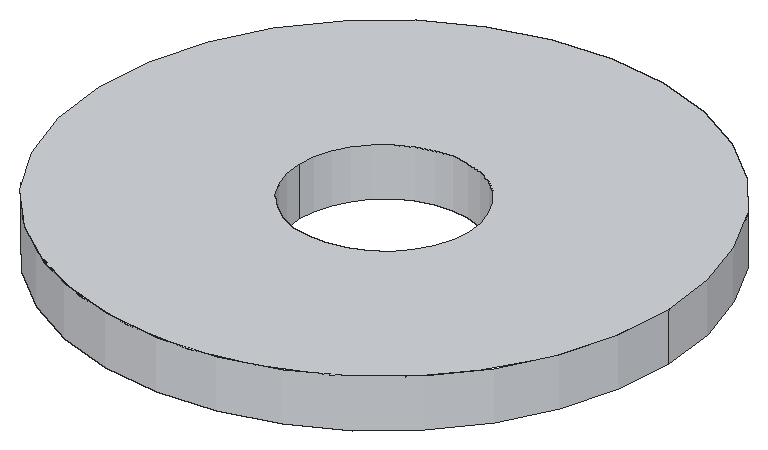
Revit family "Unterlegscheibe", category HLS-Bauteile, Revit 2017
Family settings
  Bemaßung runder Anschluss = Durchmesser verwenden
  Teiletyp = Normal
  Arbeitsebenenbasiert = Ja
  Immer vertikal = Nein
  Beim Laden mit Abzugskörper schneiden = Nein
  Gemeinsam genutzt = Ja
  Raumberechnungspunkt = Nein
Parameters (values of type "Unterlegscheibe, verstärkt 10,5x35x3,0")
  vpe = "100 St"
  Default Elevation = 1219.2 mm
  Stärke = 3 mm
  Regelhalter [instance] = ""
  Oberflaeche = "galvanisch verzinkt"
  Mengeneinheit = "St"
  Material = "Stahl"
  Länge = 3 mm
  Kurztext2 = "10,5 x 35 x 3 mm gvz"
  Kurztext1 = "Unterlegscheibe verstärkt"
  Innendurchmesser = 10.5 mm
  Gewicht pro Bauteil = Gewicht  # 0.0206 kg
  Gewicht = 0.0206 kg
  Firma = "MEFA Befestigungs- und Montagesysteme GmbH"
  Festigkeitsklasse = ""
  Fabrikat = "MEFA"
  EAN = "4250928439284"
  D0 = 10.5 mm
  D = 35 mm
  Außendurchmesser = 35 mm
  Ausführung = "verstärkt"
  Artikelnummer = "4351053"
  Abmessung = "10,5 x 35 x 3 mm"
Types (18, lengths in mm): name | Stärke | Länge | Kurztext2 | Kurztext1 | Innendurchmesser | Gewicht pro Bauteil | Gewicht | EAN | D0 | D | Außendurchmesser | Ausführung | Artikelnummer | Abmessung
  (no name) | 3 | 3 | "10,5 x 35 x 3 mm gvz" | "Unterlegscheibe verstärkt" | 10.5 | 0.0206 kg | 0.0206 kg | "4250928439284" | 10.5 | 35 | 35 | "verstärkt" | "4351053" | "10,5 x 35 x 3 mm"
  Unterlegscheibe  6,4x12x1,6 | 1.6 | 1.6 | "6,4 x 12,0 x 1,6 mm gvz" | "Unterlegscheibe EN ISO 7089" | 6.4 | 0.001 kg | 0.001 kg | "4250928439024" | 6.4 | 12 | 12 | "" | "4320247" | "6,4 x 12,0 x 1,6 mm"
  Unterlegscheibe  8,4x16x1,6 | 1.6 | 1.6 | "8,4 x 16 x 1,6 mm gvz" | "Unterlegscheibe EN ISO 7089" | 8.4 | 0.0018 kg | 0.0018 kg | "4250928439031" | 8.4 | 16 | 16 | "" | "4320255" | "8,4 x 16 x 1,6 mm"
  Unterlegscheibe 10,5x20x2,0 | 2 | 2 | "10,5 x 20 x 2 mm gvz" | "Unterlegscheibe EN ISO 7089" | 10.5 | 0.0036 kg | 0.0036 kg | "4250928439048" | 10.5 | 20 | 20 | "" | "4320263" | "10,5 x 20 x 2 mm"
  Unterlegscheibe 13,0x24x2,5 | 2.5 | 2.5 | "13 x 24 x 2,5 mm gvz" | "Unterlegscheibe EN ISO 7089" | 13 | 0.0063 kg | 0.0063 kg | "4250928439055" | 13 | 24 | 24 | "" | "4320271" | "13 x 24 x 2,5 mm"
  Unterlegscheibe, verstärkt  5,3x15x1,2 | 1.6 | 1.2 | "5,3 x 15 x 1,6 mm gvz" | "Unterlegscheibe EN ISO 7093-1" | 5.3 | 0.0013 kg | 0.0013 kg | "4250928439062" | 5.3 | 15 | 15 | "verstärkt" | "4330226" | "5,3 x 15 x 1,6 mm"
  Unterlegscheibe, verstärkt  6,4x18x1,6 | 1.6 | 1.6 | "6,4 x 18 x 1,6 mm gvz" | "Unterlegscheibe EN ISO 7093-1" | 6.4 | 0.0024 kg | 0.0024 kg | "4250928439079" | 6.4 | 18 | 18 | "verstärkt" | "4330242" | "6,4 x 18 x 1,6 mm"
  Unterlegscheibe, verstärkt  8,4x24x2,0 | 2 | 2 | "8,4 x 24 x 2 mm gvz" | "Unterlegscheibe EN ISO 7093-1" | 8.4 | 0.0062 kg | 0.0062 kg | "4250928439086" | 8.4 | 24 | 24 | "verstärkt" | "4330250" | "8,4 x 24 x 2 mm"
  Unterlegscheibe, verstärkt 10,5x30x2,5 | 2.5 | 2.5 | "10,5 x 30 x 2,5 mm gvz" | "Unterlegscheibe EN ISO 7093-1" | 10.5 | 0.0122 kg | 0.0122 kg | "4250928439093" | 10.5 | 30 | 30 | "verstärkt" | "4330269" | "10,5 x 30 x 2,5 mm"
  Unterlegscheibe, verstärkt 13,0x37x3,0 | 3 | 3 | "13 x 37 x 3 mm gvz" | "Unterlegscheibe EN ISO 7093-1" | 13 | 0.0221 kg | 0.0221 kg | "4250928439109" | 13 | 37 | 37 | "verstärkt" | "4330277" | "13 x 37 x 3 mm"
  Unterlegscheibe, verstärkt 17,0x50x3,0 | 3 | 3 | "17 x 50 x 3 mm gvz" | "Unterlegscheibe EN ISO 7093-1" | 17 | 0.0409 kg | 0.0409 kg | "4250928439116" | 17 | 50 | 50 | "verstärkt" | "4330285" | "17 x 50 x 3 mm"
  Unterlegscheibe, verstärkt  8,4x35x3,0 | 3 | 3 | "8,4 x 35 x 3 mm gvz" | "Unterlegscheibe verstärkt" | 8.4 | 0.0214 kg | 0.0214 kg | "4250928439260" | 8.4 | 35 | 35 | "verstärkt" | "4350847" | "8,4 x 35 x 3 mm"
  Unterlegscheibe, verstärkt 10,5x35x3,0 | 3 | 3 | "10,5 x 35 x 3 mm gvz" | "Unterlegscheibe verstärkt" | 10.5 | 0.0206 kg | 0.0206 kg | "4250928439284" | 10.5 | 35 | 35 | "verstärkt" | "4351053" | "10,5 x 35 x 3 mm"
  Unterlegscheibe, verstärkt 13,0x30x2,5 | 2.5 | 2.5 | "13 x 30 x 2,5 mm gvz" | "Unterlegscheibe verstärkt" | 13 | 0.0113 kg | 0.0113 kg | "4250928439307" | 13 | 30 | 30 | "verstärkt" | "4351282" | "13 x 30 x 2,5 mm"
  Unterlegscheibe, verstärkt  8,4x44x3,5 | 3.5 | 3.5 | "8,4 x 44 x 3,5 mm gvz" | "Unterlegscheibe verstärkt" | 8.4 | 0.0403 kg | 0.0403 kg | "4250928439277" | 8.4 | 44 | 44 | "verstärkt" | "4350850" | "8,4 x 44 x 3,5 mm"
  Unterlegscheibe, verstärkt 10,5x44x3,5 | 3.5 | 3.5 | "10,5 x 44 x 3,5 mm gvz" | "Unterlegscheibe verstärkt" | 10.5 | 0.0394 kg | 0.0394 kg | "4250928439291" | 10.5 | 44 | 44 | "verstärkt" | "4351059" | "10,5 x 44 x 3,5 mm"
  Unterlegscheibe, verstärkt 13,5x44x3,5 | 3.5 | 3.5 | "13,5 x 44 x 3,5 mm gvz" | "Unterlegscheibe verstärkt" | 13.5 | 0.0378 kg | 0.0378 kg | "4250928439314" | 13.5 | 44 | 44 | "verstärkt" | "4351344" | "13,5 x 44 x 3,5 mm"
  Unterlegscheibe, verstärkt 17,0x44x3,5 | 3.5 | 3.5 | "17 x 44 x 3,5 mm gvz" | "Unterlegscheibe verstärkt" | 17 | 0.0355 kg | 0.0355 kg | "4250928439321" | 17 | 44 | 44 | "verstärkt" | "4351744" | "17 x 44 x 3,5 mm"
Reference planes
  plane 1 "Mitte (Vorne/hinten)": y = 0
  plane 2: z = 0
  plane 3 "Mitte (Links/rechts)": x = 0
  plane 4: z = 3
Forms (mm)
  Extrusion 1, solid
    sketch origin (0, 0, 0) x (1, 0, 0) y (0, 1, 0)
      loop
        circle (0, 0) r 17.5
    from 0 to 3
  Extrusion 2, void
    sketch origin (0, 0, 0) x (1, 0, 0) y (0, 1, 0)
      loop
        circle (0, 0) r 5.25
    from 0 to 3
Cuts and joins
  Extrusion 2 cuts Extrusion 1
Lines and regions (mm)
  model lines, not visible
    curve 1: line (0, 25.717, 0) -> (0, -24.283, 0)
    curve 2: line (21.799, 0, 0) -> (-28.201, 0, 0)
    curve 3: line (0, 0, 20) -> (0, 0, -20)
Dimensions and locks
  "Länge": level to plane 4
  "D": diameter of Extrusion 1 sketch curve
  "D0": diameter of Extrusion 2 sketch curve
  aligned and locked: level to plane 2
  aligned and locked: Extrusion 1 to level
  aligned and locked: plane 4 to Extrusion 1
  aligned and locked: curve 1 to level
  aligned and locked: curve 2 to level
  aligned and locked: plane 3 "Mitte (Links/rechts)" to curve 3
  aligned and locked: curve 3 to plane 1 "Mitte (Vorne/hinten)"
  aligned and locked: Extrusion 1 to Extrusion 2
  aligned and locked: Extrusion 2 to level
Automatic sketch dimensions
  plane 1 "Mitte (Vorne/hinten)" to curve 1 = 24.283 mm
  curve 1 to plane 1 "Mitte (Vorne/hinten)" = 25.717 mm
  curve 2 to plane 3 "Mitte (Links/rechts)" = 28.201 mm
  plane 3 "Mitte (Links/rechts)" to curve 2 = 21.799 mm
  curve 3 to level = 20 mm
  plane 4 to curve 3 = 17 mm
  plane 1 "Mitte (Vorne/hinten)" to Extrusion 1 sketch curve = 0 mm
  Extrusion 1 sketch curve to plane 3 "Mitte (Links/rechts)" = 0 mm
  plane 1 "Mitte (Vorne/hinten)" to Extrusion 2 sketch curve = 0 mm
  Extrusion 2 sketch curve to plane 3 "Mitte (Links/rechts)" = 0 mm
